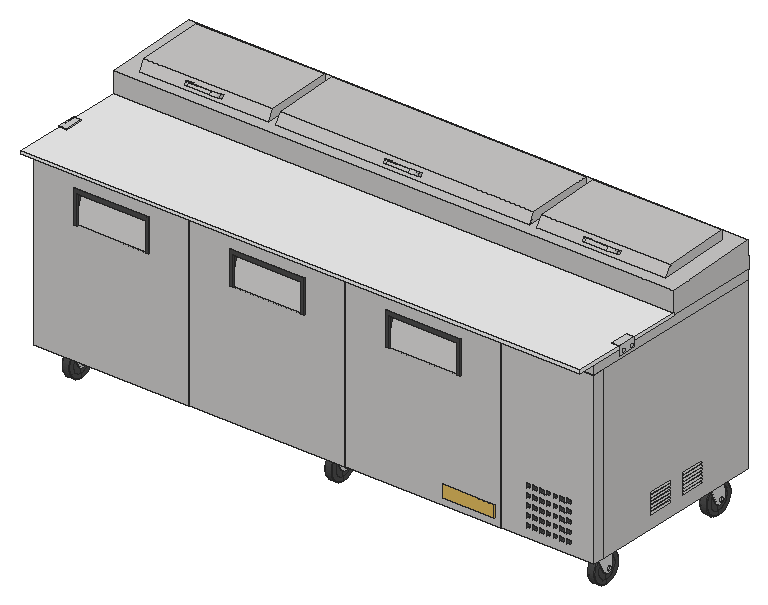
Revit family (continued)
Definition of nested family "True_TPP-93"
  Lines and regions (in)
    symbolic lines
      curve 51: spline (10.75588, -31.27626, 0) -> (10.76386, -31.3797, 0) -> (10.78767, -31.48137, 0) -> (10.8269, -31.57954, 0) -> (10.88088, -31.67251, 0) -> (10.94868, -31.75871, 0) -> (11.02915, -31.83665, 0) -> (11.12091, -31.905, 0) -> (11.22238, -31.96259, 0) -> (11.33184, -32.00844, 0) -> (11.44741, -32.04177, 0) -> (11.56711, -32.06199, 0) -> (11.68889, -32.06877, 0)
      curve 52: spline (11.68889, -32.33263, 0) -> (11.56711, -32.32585, 0) -> (11.44741, -32.30563, 0) -> (11.33184, -32.27231, 0) -> (11.22238, -32.22646, 0) -> (11.12091, -32.16886, 0) -> (11.02915, -32.10051, 0) -> (10.94868, -32.02257, 0) -> (10.88088, -31.93638, 0) -> (10.8269, -31.8434, 0) -> (10.78767, -31.74524, 0) -> (10.76386, -31.64356, 0) -> (10.75588, -31.54012, 0)
      curve 53: line (15.31111, -32.33263, 0) -> (11.68889, -32.33263, 0)
      curve 54: spline (16.24412, -31.54012, 0) -> (16.23614, -31.64356, 0) -> (16.21233, -31.74524, 0) -> (16.1731, -31.8434, 0) -> (16.11912, -31.93638, 0) -> (16.05132, -32.02257, 0) -> (15.97085, -32.10051, 0) -> (15.87909, -32.16886, 0) -> (15.77762, -32.22646, 0) -> (15.66816, -32.27231, 0) -> (15.55259, -32.30563, 0) -> (15.43289, -32.32585, 0) -> (15.31111, -32.33263, 0)
      curve 55: line (10.75588, -31.25, 0) -> (2.75, -31.25, 0)
      curve 56: line (15.74412, -31.25, 0) -> (11.25588, -31.25, 0)
      curve 57: line (25.5, -19.50003, 0) -> (25.5, -31.25, 0)
      curve 58: line (67.75, -19.57004, 0) -> (25.5, -19.57004, 0)
      curve 59: line (25.5, -19.50003, 0) -> (67.75, -19.50003, 0)
      curve 60: line (25.5, -30.31127, 0) -> (67.75, -30.31127, 0)
      curve 61: line (25.5, -31.25, 0) -> (43.88088, -31.25, 0)
      curve 62: line (67.75, -31.25, 0) -> (67.75, -19.50003, 0)
      curve 63: line (69, -19.50003, 0) -> (69, -31.25, 0)
      curve 64: line (69, -19.50003, 0) -> (90.5, -19.50003, 0)
      curve 65: line (90.5, -19.57004, 0) -> (69, -19.57004, 0)
      curve 66: line (69, -30.31127, 0) -> (90.5, -30.31127, 0)
      curve 67: line (69, -31.25, 0) -> (77.00588, -31.25, 0)
      curve 68: line (90.5, -31.25, 0) -> (90.5, -19.50003, 0)
      curve 69: line (44.38088, -31.27626, 0) -> (44.38088, -30.6392, 0)
      curve 70: line (48.86912, -30.6392, 0) -> (48.86912, -31.27626, 0)
      curve 71: line (48.86912, -30.6392, 0) -> (49.36912, -30.6392, 0)
      curve 72: line (49.36912, -31.54012, 0) -> (49.36912, -30.6392, 0)
      curve 73: line (43.88088, -30.6392, 0) -> (43.88088, -31.54012, 0)
      curve 74: line (43.88088, -30.6392, 0) -> (44.38088, -30.6392, 0)
      curve 75: spline (44.81389, -31.64406, 0) -> (44.75737, -31.64092, 0) -> (44.70182, -31.63153, 0) -> (44.64818, -31.61607, 0) -> (44.59739, -31.59479, 0) -> (44.55029, -31.56806, 0) -> (44.50771, -31.53634, 0) -> (44.47036, -31.50016, 0) -> (44.43889, -31.46016, 0) -> (44.41384, -31.41701, 0) -> (44.39563, -31.37145, 0) -> (44.38458, -31.32427, 0) -> (44.38088, -31.27626, 0)
      curve 76: line (48.43611, -31.64406, 0) -> (44.81389, -31.64406, 0)
      curve 77: spline (48.86912, -31.27626, 0) -> (48.86542, -31.32427, 0) -> (48.85437, -31.37145, 0) -> (48.83616, -31.41701, 0) -> (48.81111, -31.46016, 0) -> (48.77964, -31.50016, 0) -> (48.7423, -31.53634, 0) -> (48.69971, -31.56806, 0) -> (48.65262, -31.59479, 0) -> (48.60182, -31.61607, 0) -> (48.54818, -31.63153, 0) -> (48.49263, -31.64092, 0) -> (48.43611, -31.64406, 0)
      curve 78: spline (48.43611, -32.06877, 0) -> (48.55789, -32.06199, 0) -> (48.67759, -32.04177, 0) -> (48.79316, -32.00844, 0) -> (48.90262, -31.96259, 0) -> (49.00409, -31.905, 0) -> (49.09585, -31.83665, 0) -> (49.17632, -31.75871, 0) -> (49.24412, -31.67251, 0) -> (49.2981, -31.57954, 0) -> (49.33733, -31.48137, 0) -> (49.36114, -31.3797, 0) -> (49.36912, -31.27626, 0)
      curve 79: line (44.81389, -32.06877, 0) -> (48.43611, -32.06877, 0)
      curve 80: spline (43.88088, -31.27626, 0) -> (43.88886, -31.3797, 0) -> (43.91267, -31.48137, 0) -> (43.9519, -31.57954, 0) -> (44.00588, -31.67251, 0) -> (44.07368, -31.75871, 0) -> (44.15415, -31.83665, 0) -> (44.24591, -31.905, 0) -> (44.34739, -31.96259, 0) -> (44.45684, -32.00844, 0) -> (44.57241, -32.04177, 0) -> (44.69211, -32.06199, 0) -> (44.81389, -32.06877, 0)
      curve 81: spline (44.81389, -32.33263, 0) -> (44.69211, -32.32585, 0) -> (44.57241, -32.30563, 0) -> (44.45684, -32.27231, 0) -> (44.34739, -32.22646, 0) -> (44.24591, -32.16886, 0) -> (44.15415, -32.10051, 0) -> (44.07368, -32.02257, 0) -> (44.00588, -31.93638, 0) -> (43.9519, -31.8434, 0) -> (43.91267, -31.74524, 0) -> (43.88886, -31.64356, 0) -> (43.88088, -31.54012, 0)
      curve 82: line (48.43611, -32.33263, 0) -> (44.81389, -32.33263, 0)
      curve 83: spline (49.36912, -31.54012, 0) -> (49.36114, -31.64356, 0) -> (49.33733, -31.74524, 0) -> (49.2981, -31.8434, 0) -> (49.24412, -31.93638, 0) -> (49.17632, -32.02257, 0) -> (49.09585, -32.10051, 0) -> (49.00409, -32.16886, 0) -> (48.90262, -32.22646, 0) -> (48.79316, -32.27231, 0) -> (48.67759, -32.30563, 0) -> (48.55789, -32.32585, 0) -> (48.43611, -32.33263, 0)
      curve 84: line (77.50588, -31.27626, 0) -> (77.50588, -30.6392, 0)
      curve 85: line (81.99412, -30.6392, 0) -> (81.99412, -31.27626, 0)
      curve 86: line (81.99412, -30.6392, 0) -> (82.49412, -30.6392, 0)
      curve 87: line (82.49412, -31.54012, 0) -> (82.49412, -30.6392, 0)
      curve 88: line (77.00588, -30.6392, 0) -> (77.00588, -31.54012, 0)
      curve 89: line (77.00588, -30.6392, 0) -> (77.50588, -30.6392, 0)
      curve 90: spline (77.93889, -31.64406, 0) -> (77.88237, -31.64092, 0) -> (77.82682, -31.63153, 0) -> (77.77318, -31.61607, 0) -> (77.72238, -31.59479, 0) -> (77.67529, -31.56806, 0) -> (77.6327, -31.53634, 0) -> (77.59536, -31.50016, 0) -> (77.56389, -31.46016, 0) -> (77.53884, -31.41701, 0) -> (77.52063, -31.37145, 0) -> (77.50958, -31.32427, 0) -> (77.50588, -31.27626, 0)
      curve 91: line (81.56111, -31.64406, 0) -> (77.93889, -31.64406, 0)
      curve 92: spline (81.99412, -31.27626, 0) -> (81.99042, -31.32427, 0) -> (81.97937, -31.37145, 0) -> (81.96116, -31.41701, 0) -> (81.93611, -31.46016, 0) -> (81.90464, -31.50016, 0) -> (81.86729, -31.53634, 0) -> (81.82471, -31.56806, 0) -> (81.77761, -31.59479, 0) -> (81.72682, -31.61607, 0) -> (81.67318, -31.63153, 0) -> (81.61763, -31.64092, 0) -> (81.56111, -31.64406, 0)
      curve 93: spline (81.56111, -32.06877, 0) -> (81.68289, -32.06199, 0) -> (81.80259, -32.04177, 0) -> (81.91816, -32.00844, 0) -> (82.02761, -31.96259, 0) -> (82.12909, -31.905, 0) -> (82.22085, -31.83665, 0) -> (82.30132, -31.75871, 0) -> (82.36912, -31.67251, 0) -> (82.4231, -31.57954, 0) -> (82.46233, -31.48137, 0) -> (82.48614, -31.3797, 0) -> (82.49412, -31.27626, 0)
      curve 94: line (77.93889, -32.06877, 0) -> (81.56111, -32.06877, 0)
      curve 95: spline (77.00588, -31.27626, 0) -> (77.01386, -31.3797, 0) -> (77.03767, -31.48137, 0) -> (77.0769, -31.57954, 0) -> (77.13088, -31.67251, 0) -> (77.19868, -31.75871, 0) -> (77.27915, -31.83665, 0) -> (77.37091, -31.905, 0) -> (77.47238, -31.96259, 0) -> (77.58184, -32.00844, 0) -> (77.69741, -32.04177, 0) -> (77.81711, -32.06199, 0) -> (77.93889, -32.06877, 0)
      curve 96: spline (77.93889, -32.33263, 0) -> (77.81711, -32.32585, 0) -> (77.69741, -32.30563, 0) -> (77.58184, -32.27231, 0) -> (77.47238, -32.22646, 0) -> (77.37091, -32.16886, 0) -> (77.27915, -32.10051, 0) -> (77.19868, -32.02257, 0) -> (77.13088, -31.93638, 0) -> (77.0769, -31.8434, 0) -> (77.03767, -31.74524, 0) -> (77.01386, -31.64356, 0) -> (77.00588, -31.54012, 0)
      curve 97: line (81.56111, -32.33263, 0) -> (77.93889, -32.33263, 0)
      curve 98: spline (82.49412, -31.54012, 0) -> (82.48614, -31.64356, 0) -> (82.46233, -31.74524, 0) -> (82.4231, -31.8434, 0) -> (82.36912, -31.93638, 0) -> (82.30132, -32.02257, 0) -> (82.22085, -32.10051, 0) -> (82.12909, -32.16886, 0) -> (82.02761, -32.22646, 0) -> (81.91816, -32.27231, 0) -> (81.80259, -32.30563, 0) -> (81.68289, -32.32585, 0) -> (81.56111, -32.33263, 0)
      curve 99: line (44.38088, -31.25, 0) -> (48.88088, -31.25, 0)
      curve 100: line (49.36912, -31.25, 0) -> (67.75, -31.25, 0)
      curve 101: line (77.50588, -31.25, 0) -> (81.99412, -31.25, 0)
      curve 102: line (82.49412, -31.25, 0) -> (90.5, -31.25, 0)
    symbolic lines, style "QF-Door Swings", visible <- "Show Clearance", detail levels coarse
      curve 103: line (77.75, -75.5, 0) -> (77.75, -52.65625, 0)
      curve 104: arc (77.75, -75.5, 0) -> (60.60027, -68.95805, 0) -> (52.16453, -52.65625, 0) r 25.75
      curve 105: line (26, -75.5, 0) -> (26, -52.65625, 0)
      curve 106: arc (26, -75.5, 0) -> (43.14973, -68.95805, 0) -> (51.58547, -52.65625, 0) r 25.75
      curve 107: line (0, -75.5, 0) -> (0, -52.65625, 0)
      curve 108: arc (0, -75.5, 0) -> (17.14973, -68.95805, 0) -> (25.58547, -52.65625, 0) r 25.75
  Dimensions and locks (in)
    plane 3 "LEFT" to plane 4 "RIGHT" = 93 1/4"
    plane 4 "RIGHT" to plane 3 "LEFT" = 93 1/4"
    locked: Extrusion 6 to Extrusion 6 at 12.75
    plane 4 "RIGHT" to Extrusion 6 = 8 1/4"
    plane 6 "TOP" to level = 35 15/16"
    plane 6 "TOP" to Extrusion 3 to level = 29 3/4", 6 3/16"
    plane 5 "FRONT" to Extrusion 2 to plane 1 "BACK" = 32 1/4", 1"
    aligned and locked: level to plane 2
    aligned and locked: plane 4 "RIGHT" to Extrusion 1
    aligned: Extrusion 4 to Extrusion 3  (x2)
    aligned and locked: Extrusion 6 to Extrusion 3
    aligned and locked: Extrusion 14 sketch curve to Extrusion 10  (x5)
    aligned and locked: Extrusion 12 sketch curve to Extrusion 10
    aligned and locked: Extrusion 19 sketch curve to Extrusion 15  (x5)
    aligned and locked: Extrusion 17 sketch curve to Extrusion 15
    aligned and locked: Extrusion 20 to Extrusion 24 sketch curve  (x2)
    aligned and locked: Extrusion 24 sketch curve to Extrusion 20  (x3)
    aligned and locked: Extrusion 22 sketch curve to Extrusion 20
    aligned and locked: Extrusion 25 to Extrusion 29 sketch curve  (x2)
    aligned and locked: Extrusion 29 sketch curve to Extrusion 25  (x3)
    aligned and locked: Extrusion 27 sketch curve to Extrusion 25
    aligned and locked: Extrusion 40 sketch curve to Extrusion 36  (x5)
    aligned and locked: Extrusion 38 sketch curve to Extrusion 36
    aligned and locked: Extrusion 45 sketch curve to Extrusion 41  (x5)
    aligned and locked: Extrusion 43 sketch curve to Extrusion 41
    aligned and locked: Extrusion 46 sketch curve to plane 6 "TOP"
    aligned and locked: Extrusion 46 to plane 3 "LEFT"
    aligned and locked: plane 4 "RIGHT" to Extrusion 46
    aligned and locked: Extrusion 50 to plane 3 "LEFT"
    aligned and locked: plane 4 "RIGHT" to Extrusion 50
    aligned and locked: Extrusion 50 to Extrusion 46
